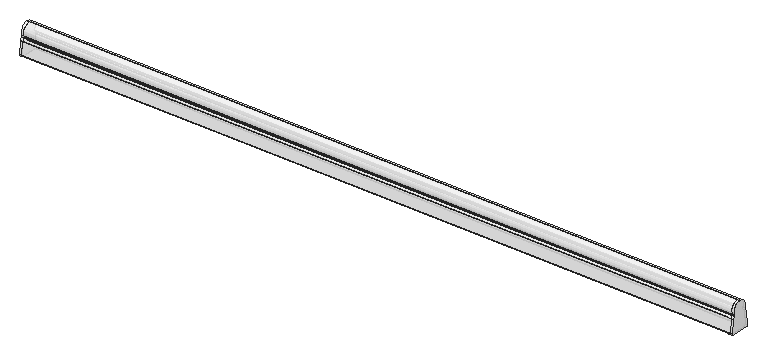
Revit family "0051028 Sylvania Lighting Fixture LED PIPE G2 L900 WW", category Lighting Fixtures, host Face, Revit 2016
Family settings
  Host = Face
  Part Type = Normal
  Round Connector Dimension = Use Diameter
  OmniClass Number = 23.80.70.00
  OmniClass Title = Lighting
  Cut with Voids When Loaded = No
  Light Source = Yes
  Shared = No
  Room Calculation Point = No
Parameters (values of type "0051028 LED PIPE G2 L900 WW")
  Width_SYL = 24 mm
  Weight = "4.56 kg"
  Wattage Comments = ""
  Wattage = 10 W
  WarrantyStartDate [instance] = "n/a"
  WarrantyGuarantorParts = "n/a"
  WarrantyDurationUnit = "n/a"
  WarrantyDurationParts = "n/a"
  WarrantyDescription = "n/a"
  built-in parameter 1150110 = 1 (stored number, unit not read)
  Voltage = 230 V
  URL = "http://www.sylvania-lighting.com"
  TypeName = "LED PIPE G2 L900 WW"
  Type Image = <None>
  Type Comments = "n/a"
  built-in parameter 1114217 = 1 (stored number, unit not read)
  Tilt Angle = -90.00°
  built-in parameter 1150109 = 1 (stored number, unit not read)
  built-in parameter 1150134 = (empty or 0)
  built-in parameter 1150113 = 1 (stored number, unit not read)
  SerialNumber [instance] = "n/a"
  RadiusTop_SYL = 9.1 mm
  RadiusSmall_SYL = 1.002 mm
  RadiusShoulder_SYL = 4.5 mm
  RadiusBottom_SYL = 1.5 mm
  Photometric Web File = "0051028.ies"
  Material_3_FEILO = none
  PowerFactor = 0.9
  PowerConsumption = "10 W"
  NominalLength = 900 mm
  NominalHeight = 35 mm
  NominalDepth = 24 mm
  Name = "LED PIPE G2 L900 WW"
  ModelReference = Name  # "LED PIPE G2 L900 WW"
  ModelNumber = "0051028"
  Model = Name  # "LED PIPE G2 L900 WW"
  Material = "pc housing, pc diffuser"
  ManufacturerName = "Feilo Sylvania"
  Manufacturer = "Feilo Sylvania"
  LuminousEfficacy = "90 lm/W"
  built-in parameter 1150105 = 183.68 (stored number, unit not read)
  Lumens = 900 lm
  LuminaireType = ""
  built-in parameter 1150115 = 1 (stored number, unit not read)
  LightOutputRatio = "n/a"
  built-in parameter 1150137 = (empty or 0)
  built-in parameter 1150139 = (empty or 0)
  Length_SYL = 900 mm
  LampsType = Lamp  # "LED"
  LampNominalLuminous = "900 lm"
  LampMacAdamStep = "6"
  LampColourTemperature = "3000 K"
  LampColourRenderingIndex = "80"
  built-in parameter 1150112 = 1 (stored number, unit not read)
  built-in parameter 1150114 = 1 (stored number, unit not read)
  Lamp = "LED"
  Keynote = "16500"
  InstallationDate [instance] = "n/a"
  InputVoltage = "220-240V~"
  InputNominalFrequency = "50/60 Hz"
  built-in parameter 1150132 = (empty or 0)
  built-in parameter 1150102 = (empty or 0)
  built-in parameter 1150107 = 3000 (stored number, unit not read)
  built-in parameter 1150138 = (empty or 0)
  IngressProtection = "IP20"
  ImpactProtectionIndex = "IK02"
  built-in parameter 1150106 = 1.8368 (stored number, unit not read)
  IfcExportType = "IfcLightFixtureType"
  IfcExportAs = "IfcLightFixtureType"
  Height_SYL = 35 mm
  ExpectedLife = 50000
  built-in parameter 1150127 = 10 mm
  Emit from Rectangle Length = Length_SYL - 6 mm  # 894 mm
  Emit Shape Visible in Rendering = no
  ElectricShockClassification = "Class II"
  built-in parameter 1150104 = 8.3613 (stored number, unit not read)
  DurationUnit = "hours"
  DocumentationLiterature = "http://www.sylvania-lighting.com/product/en-int/products/0051028"
  DimmingControlOptions = "n/a"
  Material_2_FEILO = LED-Sylvania-ledpipe
  Dimming Lamp Color Temperature Shift = <None>
  Description = "LED T5 replacement batten, seamless linking (up to 10M), Ideal for direct lighting such as under cabinet or in kitchens, 150 degree beam angle, includes switch, includes 0.30m stripped cable, white polycarbonate body, includes standard and tilting brackets"
  Default Elevation = 1219.2 mm
  CreatedOn = "6/11/2018"
  CreatedBy = "aron.fodor@sylvania-lighting.com"
  Cost = 0
  Color Filter = 16777215
  built-in parameter 1114216 [instance] = (empty or 0)
  ClassificationValue = "EF_70_80"
  ClassificationName = "Uniclass2015"
  Material_1_FEILO = Body-Sylvania-ledpipe
  BarCode [instance] = "n/a"
  built-in parameter 1114218 = 1 (stored number, unit not read)
  Emit from Rectangle Width = 3048 mm
  AssetType = "Fixed"
  AssetIdentifier [instance] = "n/a"
  Assembly Code = "D5020200"
  Apparent Load = 10 VA
  Material_4_FEILO = none
Reference planes
  plane 1 "Center (Front/Back)": y = 0
  plane 2: z = 0
  plane 3 "Center (Left/Right)": x = 0
  plane 4: y = 12
  plane 5: y = -12
  plane 6: z = 35
  plane 7: z = 25.8
  plane 8: y = -10
  plane 9: z = 18.8
  plane 10: z = 21
  plane 11: x = 450
  plane 12: x = -450
  plane 13: x = 447
  plane 14: x = -447
Forms (mm)
  Extrusion 1, solid, material "Body-Sylvania-ledpipe" <- "Material_1_FEILO"
    sketch origin (0, 0, 0) x (0, 1, 0) y (0, 0, 1)
      loop
        arc (-11.824, 1.659) -> (-11.447, 0.497) -> (-10.332, 0) r 1.5
        line (-10.332, 0) -> (10.332, 0)
        arc (10.332, 0) -> (11.447, 0.497) -> (11.824, 1.659) r 1.5
        line (11.824, 1.659) -> (10.168, 17.219)
        arc (10.168, 17.219) -> (9.754, 18.682) -> (8.875, 19.925) r 4.5
        line (8.875, 19.925) -> (8.294, 20.506)
        arc (8.294, 20.506) -> (8.012, 21.058) -> (8.109, 21.67) r 1.002
        arc (8.109, 21.67) -> (7.759, 30.556) -> (0, 34.9) r 9.1
        arc (0, 34.9) -> (-7.759, 30.556) -> (-8.109, 21.67) r 9.1
        arc (-8.109, 21.67) -> (-8.012, 21.058) -> (-8.294, 20.506) r 1.002
        line (-8.294, 20.506) -> (-8.875, 19.925)
        arc (-8.875, 19.925) -> (-9.754, 18.682) -> (-10.168, 17.219) r 4.5
        line (-10.168, 17.219) -> (-11.824, 1.659)
    from -447 to 447
  Extrusion 2, solid, material "Body-Sylvania-ledpipe" <- "Material_1_FEILO"
    sketch origin (447, -4572, 2609.058) x (0, 0, 1) y (0, -1, 0)
      loop
        arc (-2587.388, -4580.109) -> (-2578.502, -4579.759) -> (-2574.158, -4572) r 9.1
        arc (-2574.158, -4572) -> (-2578.502, -4564.241) -> (-2587.388, -4563.891) r 9.1
        arc (-2587.388, -4563.891) -> (-2588, -4563.988) -> (-2588.552, -4563.706) r 1.002
        line (-2588.552, -4563.706) -> (-2589.134, -4563.125)
        arc (-2589.134, -4563.125) -> (-2590.376, -4562.246) -> (-2591.84, -4561.832) r 4.5
        line (-2591.84, -4561.832) -> (-2607.399, -4560.176)
        arc (-2607.399, -4560.176) -> (-2608.561, -4560.553) -> (-2609.058, -4561.668) r 1.5
        line (-2609.058, -4561.668) -> (-2609.058, -4582.332)
        arc (-2609.058, -4582.332) -> (-2608.561, -4583.447) -> (-2607.399, -4583.824) r 1.5
        line (-2607.399, -4583.824) -> (-2591.84, -4582.168)
        arc (-2591.84, -4582.168) -> (-2590.376, -4581.754) -> (-2589.134, -4580.875) r 4.5
        line (-2589.134, -4580.875) -> (-2588.552, -4580.294)
        arc (-2588.552, -4580.294) -> (-2588, -4580.012) -> (-2587.388, -4580.109) r 1.002
    from 0 to 3
  Extrusion 3, solid, material "Body-Sylvania-ledpipe" <- "Material_1_FEILO"
    sketch origin (-297, -4572, 2609.058) x (0, 0, 1) y (0, -1, 0)
      loop
        arc (-2587.388, -4580.109) -> (-2578.502, -4579.759) -> (-2574.158, -4572) r 9.1
        arc (-2574.158, -4572) -> (-2578.502, -4564.241) -> (-2587.388, -4563.891) r 9.1
        arc (-2587.388, -4563.891) -> (-2588, -4563.988) -> (-2588.552, -4563.706) r 1.002
        line (-2588.552, -4563.706) -> (-2589.134, -4563.125)
        arc (-2589.134, -4563.125) -> (-2590.376, -4562.246) -> (-2591.84, -4561.832) r 4.5
        line (-2591.84, -4561.832) -> (-2607.399, -4560.176)
        arc (-2607.399, -4560.176) -> (-2608.561, -4560.553) -> (-2609.058, -4561.668) r 1.5
        line (-2609.058, -4561.668) -> (-2609.058, -4582.332)
        arc (-2609.058, -4582.332) -> (-2608.561, -4583.447) -> (-2607.399, -4583.824) r 1.5
        line (-2607.399, -4583.824) -> (-2591.84, -4582.168)
        arc (-2591.84, -4582.168) -> (-2590.376, -4581.754) -> (-2589.134, -4580.875) r 4.5
        line (-2589.134, -4580.875) -> (-2588.552, -4580.294)
        arc (-2588.552, -4580.294) -> (-2588, -4580.012) -> (-2587.388, -4580.109) r 1.002
    from -150 to -153
Lines and regions (mm)
  reference lines
    curve 1: circle (0, 0, 25.8) r 9.1 normal (1, 0, 0)
    curve 2: line (0, -12, 0) -> (0, -10, 18.8)
Dimensions and locks
  equal spacing: plane 5, plane 1 "Center (Front/Back)", plane 4
  "Width_SYL": plane 5 to plane 4
  "Height_SYL": plane 6 to plane 2
  locked: plane 6 to plane 7 at 9.2
  locked: plane 5 to plane 8 at 2
  locked: plane 7 to plane 9 at 7
  locked: plane 10 to plane 9 at 2.2
  equal spacing: plane 11, plane 3 "Center (Left/Right)", plane 12
  "Length_SYL": plane 11 to plane 12
  equal spacing: plane 13, plane 3 "Center (Left/Right)", plane 14
  locked: plane 14 to plane 12 at 3
  "RadiusTop_SYL": radius of curve 1
  "RadiusSmall_SYL": radius of Extrusion 1 sketch curve
  "RadiusShoulder_SYL": radius of Extrusion 1 sketch curve
  "RadiusTop_SYL": radius of Extrusion 1 sketch curve
  "RadiusBottom_SYL": radius of Extrusion 1 sketch curve  (x2)
  aligned and locked: plane 2 to host face
  aligned and locked: level to host face
  aligned and locked: plane 7 to curve 1
  aligned and locked: plane 1 "Center (Front/Back)" to curve 1
  aligned and locked: plane 8 to curve 2
  aligned and locked: curve 2 to Extrusion 1 sketch curve  (x2)
  aligned and locked: plane 7 to Extrusion 1 sketch curve
  aligned and locked: plane 1 "Center (Front/Back)" to Extrusion 1 sketch curve
  aligned and locked: Extrusion 1 sketch curve to level
  aligned and locked: plane 13 to Extrusion 1
  aligned and locked: Extrusion 1 to plane 14
  aligned and locked: Extrusion 2 sketch curve to Extrusion 1  (x8)
  aligned and locked: plane 11 to Extrusion 2
  aligned and locked: Extrusion 2 to Extrusion 1
  aligned and locked: Extrusion 3 sketch curve to Extrusion 2  (x8)
  aligned and locked: Extrusion 3 to Extrusion 1
  aligned and locked: Extrusion 3 to plane 12
  aligned and locked: imposter light to plane 1 "Center (Front/Back)"
  aligned and locked: plane 6 to imposter light
  aligned and locked: plane 3 "Center (Left/Right)" to imposter light
Automatic sketch dimensions
  host sketch curve to host sketch curve = 2438.4 mm  (x2)
  curve 2 to level = 0 mm
  curve 2 to plane 5 = 0 mm
  curve 2 to plane 9 = 0 mm
  Extrusion 1 sketch curve to Extrusion 1 sketch curve = 0 mm
  Extrusion 1 sketch curve to plane 5 = 0.176 mm
  plane 8 to Extrusion 1 sketch curve = 0.168 mm
  plane 10 to Extrusion 1 sketch curve = 0.215 mm  (x2)
  Extrusion 1 sketch curve to plane 8 = 0.998 mm
  Extrusion 1 sketch curve to plane 10 = 1.075 mm  (x2)
  Extrusion 1 sketch curve to plane 10 = 0.494 mm  (x2)
  Extrusion 1 sketch curve to plane 9 = 2.057 mm
  Extrusion 1 sketch curve to plane 1 "Center (Front/Back)" = 5.693 mm
  plane 4 to Extrusion 1 sketch curve = 3.706 mm
  Extrusion 1 sketch curve to Extrusion 1 sketch curve = 0.582 mm
  Extrusion 1 sketch curve to Extrusion 1 sketch curve = 0.709 mm
  Extrusion 1 sketch curve to plane 9 = 1.581 mm
  plane 4 to Extrusion 1 sketch curve = 1.668 mm
  plane 4 to Extrusion 1 sketch curve = 0.176 mm
  Extrusion 2 sketch curve to Extrusion 2 sketch curve = 0.159 mm
  Extrusion 2 sketch curve to plane 5 = 0.176 mm
  plane 8 to Extrusion 2 sketch curve = 0.168 mm
  Extrusion 2 sketch curve to plane 9 = 1.581 mm
  Extrusion 2 sketch curve to plane 10 = 0.494 mm  (x2)
  Extrusion 2 sketch curve to Extrusion 2 sketch curve = 0.127 mm
  Extrusion 2 sketch curve to Extrusion 2 sketch curve = 0.582 mm
  Extrusion 3 sketch curve to Extrusion 3 sketch curve = 0.159 mm
  Extrusion 3 sketch curve to plane 5 = 0.176 mm
  plane 8 to Extrusion 3 sketch curve = 0.168 mm
  Extrusion 3 sketch curve to plane 9 = 1.581 mm
  Extrusion 3 sketch curve to plane 10 = 0.494 mm  (x2)
  Extrusion 3 sketch curve to Extrusion 3 sketch curve = 0.127 mm
  Extrusion 3 sketch curve to Extrusion 3 sketch curve = 0.582 mm
Connectors
  electrical at (0, 0, 0), driven by "Apparent Load", driven by "PowerFactor", driven by "Voltage"
    settings: index 1, voltage 230 V, apparent load 10 VA, apparent load phase1 0 VA, apparent load phase2 0 VA, apparent load phase3 0 VA, power factor 0.9, load classification "Lighting", number of poles 1, system type 30, power factor state 1, is connector primary yes, connector utility no, sub classification motor no, connector description ""
